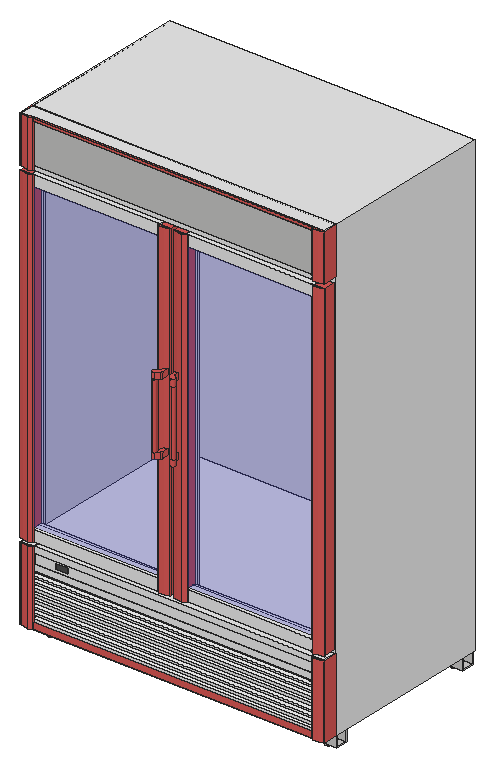
Revit family "QF_Turbo Air_TGF-47SD5710d0bc-e6e3-4ae6-a539-0df53f637e5d", category Specialty Equipment, Revit 2012
Parameters (values of type "White - Wine")
  Width = 4' - 3 1/8"  # constant formula
  Weight in Pounds = 590  # constant formula
  Watermarked By = "http://revitwatermark.com"
  Volts = 115 V
  URL Cutsheet = ""
  URL = "www.turboairinc.com"
  Status [instance] = ""
  Specification by User [instance] = ""
  Specification by Manufacturer [instance] = ""
  Sign Material [instance] = QF_Finishes_Turbo Air Image
  Serial Number [instance] = ""
  Revision Code [instance] = ""
  Phase = 1
  Number of Poles [instance] = 1
  NAFEM Spec ID Number [instance] = ""
  Model = "TGF-47SDV"
  Masterspec [instance] = ""
  Manufacturer = "Turbo Air"  # constant formula
  Lower Door Frame Material = QF_Finishes_White
  Lower Cowl Frame Material = QF_Finishes_Anodized - Red
  Legs [instance] = not(Casters)  # yes
  Item Number [instance] = "-"
  Installed By [instance] = ""
  HP = "1.25"
  Furnished By [instance] = ""
  Foodservice Equipment Identifier = yes
  FL Amps = 11.7 A
  Electrical Remarks [instance] = ""
  Electric Connection Type [instance] = ""
  Elec Conn RI Height [instance] = 0' - 0"
  Elec Conn Connection Height [instance] = if(Casters, 0' 11", 0' 6")  # 0' - 6"
  Door Material = QF_Finishes_Anodized - Red
  Description = "Freezer Merchandiser"
  Depth = 2' - 7 7/16"  # constant formula
  Cycle = 60 Hz
  Conn Plug = "NEMA 5-20P"
  CasterLeg Height [instance] = if(Casters, 0' 5", 0' 0 1/2")  # 0' - 0 1/2"
  CSI MasterFormat = "11 41 13"
  Body Material = QF_Finishes_White
  Assembly Code = "E1090320"
  Apparent Power = if(Phase = 3, Volts * FL Amps * 1.73, Volts * FL Amps)  # 1345.5 VA
  Casters [instance] = no
Types (4): name | Model | Lower Door Frame Material | Lower Cowl Frame Material | Door Material | Body Material
  (no name) | "TGF-47SDV" | QF_Finishes_White | QF_Finishes_Anodized - Red | QF_Finishes_Anodized - Red | QF_Finishes_White
  Black | "TGF-47SDB" | QF_Finishes_Black | QF_Finishes_Black | QF_Finishes_Black | QF_Finishes_Black
  White | "TGF-47SDW" | QF_Finishes_White | QF_Finishes_White | QF_Finishes_White | QF_Finishes_White
  White - Wine | "TGF-47SDV" | QF_Finishes_White | QF_Finishes_Anodized - Red | QF_Finishes_Anodized - Red | QF_Finishes_White
Reference planes (in)
  plane 1: z = 0
  plane 2 "LEFT": x = -20.72594
  plane 3 "RIGHT": x = 30.39906
  plane 4 "FRONT": y = -29.375
  plane 5 "BACK": y = 4.3125
  plane 6 "Front of Door": y = -27.125
  plane 7 "Top of Door": z = 70.8125
  plane 8 "Top of Lower Cowl": z = 14.875
  plane 9 "Front of Box": y = -24.75
  plane 10 "Bottom of Door": z = 15.5625
  plane 11 "Bottom of Lower Cowl": z = 2.5
  plane 12 "Left of Vents": x = -18.53844
  plane 13 "Right of Vents": x = 28.21156
  plane 14 "Bottom": z = 0.5
  plane 15 "TOP": z = 79.4375
  plane 16 "Bottom of Top Display": z = 71.5625
  plane 17 "Right of Left Door": x = 4.52406
  plane 18 "Left of Right Door": x = 5.14906
Forms (in)
  Extrusion 1, solid, material "QF_Finishes_White" <- "Body Material"
    sketch origin (0, 4.3125, 0) x (1, 0, 0) y (0, 0, 1)
      loop
        line (-20.72594, 2.5) -> (30.39906, 2.5) -> (30.39906, 79.4375) -> (-20.72594, 79.4375) -> (-20.72594, 2.5)
      loop
        line (-20.60094, 79.3125) -> (-20.60094, 2.625) -> (30.27406, 2.625) -> (30.27406, 79.3125) -> (-20.60094, 79.3125)
    from 0 to 29.0625
  Extrusion 2, solid, material "QF_Finishes_White" <- "Body Material"
    sketch origin (0, 4.3125, 0) x (1, 0, 0) y (0, 0, 1)
      loop
        line (-20.60094, 79.3125) -> (-20.60094, 2.625) -> (30.27406, 2.625) -> (30.27406, 79.3125) -> (-20.60094, 79.3125)
    from 0 to 0.125
  Extrusion 3, solid, material "QF_Finishes_White" <- "Body Material"
    sketch origin (0, -24.75, 0) x (1, 0, 0) y (0, 0, 1)
      loop
        line (-18.72594, 68.8125) -> (-18.72594, 16.875) -> (2.52406, 16.875) -> (2.52406, 68.8125) -> (-18.72594, 68.8125)
      loop
        line (28.39906, 16.875) -> (28.39906, 68.8125) -> (7.14906, 68.8125) -> (7.14906, 16.875) -> (28.39906, 16.875)
      loop
        line (-20.60094, 79.3125) -> (-20.60094, 2.625) -> (30.27406, 2.625) -> (30.27406, 79.3125) -> (-20.60094, 79.3125)
      loop
        line (28.21156, 14.875) -> (-18.53844, 14.875) -> (-18.53844, 3.5) -> (28.21156, 3.5) -> (28.21156, 14.875)
    from 0 to -0.125
  Extrusion 4, solid, material "QF_Finishes_White"
    sketch origin (-20.72594, 0, 0) x (0, 1, 0) y (0, 0, 1)
      loop
        line (-24.625, 15) -> (4.1875, 15) -> (4.1875, 79.3125) -> (-24.625, 79.3125) -> (-24.625, 68.8125) -> (-22.75, 68.8125) -> (-22.75, 77.4375) -> (2.3125, 77.4375) -> (2.3125, 16.875) -> (-24.625, 16.875) -> (-24.625, 15)
    from 0.125 to 51
  Extrusion 5, solid, material "QF_Finishes_White"
    sketch origin (-20.72594, 0, 0) x (0, 1, 0) y (0, 0, 1)
      loop
        line (-24.625, 16.875) -> (2.3125, 16.875) -> (2.3125, 77.4375) -> (-22.75, 77.4375) -> (-22.75, 68.8125) -> (-24.625, 68.8125) -> (-24.625, 16.875)
    from 0.125 to 2
  Extrusion 6, solid, material "QF_Finishes_White"
    sketch origin (30.39906, 0, 0) x (0, 1, 0) y (0, 0, 1)
      loop
        line (-24.625, 16.875) -> (2.3125, 16.875) -> (2.3125, 77.4375) -> (-22.75, 77.4375) -> (-22.75, 68.8125) -> (-24.625, 68.8125) -> (-24.625, 16.875)
    from -0.125 to -2
  Extrusion 7, solid, material "QF_Finishes_Black"
    sketch origin (0, -24.75, 0) x (1, 0, 0) y (0, 0, 1)
      loop
        line (6.46156, 69.5) -> (6.46156, 16.1875) -> (29.08656, 16.1875) -> (29.08656, 69.5) -> (6.46156, 69.5)
      loop
        line (6.33656, 69.625) -> (6.33656, 16.0625) -> (29.21156, 16.0625) -> (29.21156, 69.625) -> (6.33656, 69.625)
    from 0 to 0.4375
  Extrusion 8, solid, material "QF_Finishes_White" <- "Body Material"
    sketch origin (0, 4.3125, 0) x (1, 0, 0) y (0, 0, 1)
      loop
        circle (4.83656, 6) r 0.25
    from 0 to -0.0625
  Extrusion 9, solid, material "QF_Finishes_Anodized - Red" <- "Door Material"
    sketch origin (0, 0, 2.5) x (0, 1, 0) y (-1, 0, 0)
      loop
        line (-24.75, 20.72594) -> (-27.25, 20.72594)
        arc (-27.25, 20.72594) -> (-27.46771, 19.92526) -> (-27.5625, 19.10094) r 5.5
        line (-27.5625, 19.10094) -> (-27.1875, 18.53844) -> (-27.125, 18.53844) -> (-27.125, 20.60094) -> (-24.75, 20.60094) -> (-24.75, 20.72594)
    from 0 to 12.375
  Extrusion 10, solid, material "QF_Finishes_Anodized - Red" <- "Door Material"
    sketch origin (25.75, 0, 2.5) x (0, 1, 0) y (-1, 0, 0)
      loop
        line (-24.75, -4.64906) -> (-24.75, -4.52406) -> (-27.125, -4.52406) -> (-27.125, -2.46156) -> (-27.1875, -2.46156) -> (-27.5625, -3.02406)
        arc (-27.5625, -3.02406) -> (-27.46771, -3.84838) -> (-27.25, -4.64906) r 5.5
        line (-27.25, -4.64906) -> (-24.75, -4.64906)
    from 0 to 12.375
  Extrusion 11, solid, material "QF_Finishes_White" <- "Body Material"
    sketch origin (0, -24.75, 0) x (1, 0, 0) y (0, 0, 1)
      loop
        line (-18.53844, 14.875) -> (-18.53844, 13.875) -> (28.21156, 13.875) -> (28.21156, 14.875) -> (-18.53844, 14.875)
      loop
        line (-18.53844, 12.1875) -> (-18.53844, 11.1875) -> (28.21156, 11.1875) -> (28.21156, 12.1875) -> (-18.53844, 12.1875)
    from 0 to 2.375
  Extrusion 12, solid, material "QF_Finishes_White" <- "Body Material"
    sketch origin (0, -24.75, 0) x (1, 0, 0) y (0, 0, 1)
      loop
        line (-18.53844, 13.875) -> (-18.53844, 12.1875) -> (28.21156, 12.1875) -> (28.21156, 13.875) -> (-18.53844, 13.875)
      loop
        line (-14.97594, 12.625) -> (-13.03844, 12.625) -> (-13.03844, 13.4375) -> (-14.97594, 13.4375) -> (-14.97594, 12.625)
    from 0 to 2.125
  Extrusion 13, solid, material "QF_Finishes_Black"
    sketch origin (0, -24.75, 0) x (1, 0, 0) y (0, 0, 1)
      loop
        line (-14.97594, 13.4375) -> (-14.97594, 12.625) -> (-13.03844, 12.625) -> (-13.03844, 13.4375) -> (-14.97594, 13.4375)
    from 0 to 2.125
  Extrusion 14, solid, material "QF_Finishes_White" <- "Body Material"
    sketch origin (0, -24.75, 0) x (1, 0, 0) y (0, 0, 1)
      loop
        line (-20.60094, 14.875) -> (-20.60094, 2.5) -> (30.27406, 2.5) -> (30.27406, 14.875) -> (28.21156, 14.875) -> (28.21156, 3.5) -> (-18.53844, 3.5) -> (-18.53844, 14.875) -> (-20.60094, 14.875)
    from 0 to 2.375
  Extrusion 15, solid, material "QF_Finishes_Anodized - Red" <- "Lower Cowl Frame Material"
    sketch origin (0, -27.125, 0) x (1, 0, 0) y (0, 0, 1)
      loop
        line (-18.53844, 3.5) -> (-18.53844, 2.5) -> (28.21156, 2.5) -> (28.21156, 3.5) -> (-18.53844, 3.5)
    from 0 to 0.0625
  Extrusion 16, solid, material "QF_Finishes_White" <- "Body Material"
    sketch origin (-18.53844, 0, 0) x (0, 1, 0) y (0, 0, 1)
      loop
        line (-27.125, 3.5625) -> (-27, 3.5625) -> (-27, 3.88572) -> (-26.47411, 4.41161) -> (-26.5625, 4.5) -> (-27.125, 3.9375) -> (-27.125, 3.5625)
      loop
        line (-27.125, 4.5) -> (-27, 4.625) -> (-27, 4.82322) -> (-26.47411, 5.34911) -> (-26.5625, 5.4375) -> (-27.125, 4.875) -> (-27.125, 4.5)
      loop
        line (-27.125, 5.4375) -> (-27, 5.5625) -> (-27, 5.76072) -> (-26.47411, 6.28661) -> (-26.5625, 6.375) -> (-27.125, 5.8125) -> (-27.125, 5.4375)
      loop
        line (-27.125, 6.375) -> (-27, 6.5) -> (-27, 6.69822) -> (-26.47411, 7.22411) -> (-26.5625, 7.3125) -> (-27.125, 6.75) -> (-27.125, 6.375)
      loop
        line (-27.125, 11.0625) -> (-26.5625, 11.0625) -> (-27.125, 10.5) -> (-27.125, 10.125) -> (-27, 10.25) -> (-27, 10.44822) -> (-26.47411, 10.97411) -> (-26.47411, 11.125) -> (-27.125, 11.125) -> (-27.125, 11.0625)
      loop
        line (-27.125, 7.3125) -> (-27, 7.4375) -> (-27, 7.63572) -> (-26.47411, 8.16161) -> (-26.5625, 8.25) -> (-27.125, 7.6875) -> (-27.125, 7.3125)
      loop
        line (-27.125, 8.25) -> (-27, 8.375) -> (-27, 8.57322) -> (-26.47411, 9.09911) -> (-26.5625, 9.1875) -> (-27.125, 8.625) -> (-27.125, 8.25)
      loop
        line (-27.125, 9.1875) -> (-27, 9.3125) -> (-27, 9.51072) -> (-26.47411, 10.03661) -> (-26.5625, 10.125) -> (-27.125, 9.5625) -> (-27.125, 9.1875)
    from 0 to 46.75
  Extrusion 17, solid, material "QF_Finishes_Stainless Steel"
    sketch origin (-20.72594, 0, 0) x (0, 1, 0) y (0, 0, 1)
      loop
        line (-24.5625, 2.5) -> (-24.5625, 0.5) -> (-22.375, 0.5) -> (-22.375, 2.5) -> (-22.5, 2.5) -> (-22.5, 0.625) -> (-24.4375, 0.625) -> (-24.4375, 2.5) -> (-24.5625, 2.5)
      loop
        line (1.9375, 2.5) -> (1.9375, 0.5) -> (4.125, 0.5) -> (4.125, 2.5) -> (4, 2.5) -> (4, 0.625) -> (2.0625, 0.625) -> (2.0625, 2.5) -> (1.9375, 2.5)
    from 0.125 to 51
  Extrusion 18, solid, material "QF_Finishes_Stainless Steel", visible <- "Legs"
    sketch origin (0, 0, 0) x (1, 0, 0) y (0, 1, 0)
      loop
        circle (-18.41344, 3.03125) r 0.5625
      loop
        circle (-18.41344, -23.46875) r 0.5625
    from 0 to 0.5
  Extrusion 19, solid, material "QF_Finishes_Stainless Steel", visible <- "Legs"
    sketch origin (23.4375, 0, 0) x (1, 0, 0) y (0, 1, 0)
      loop
        circle (4.64906, 3.03125) r 0.5625
      loop
        circle (4.64906, -23.46875) r 0.5625
    from 0 to 0.5
  Extrusion 20, solid, material "QF_Finishes_Anodized - Red" <- "Door Material"
    sketch origin (0, 0, 71.5625) x (0, 1, 0) y (-1, 0, 0)
      loop
        line (-24.75, 20.72594) -> (-27.25, 20.72594)
        arc (-27.25, 20.72594) -> (-27.46771, 19.92526) -> (-27.5625, 19.10094) r 5.5
        line (-27.5625, 19.10094) -> (-27.1875, 18.53844) -> (-27.125, 18.53844) -> (-27.125, 20.60094) -> (-24.75, 20.60094) -> (-24.75, 20.72594)
    from 0 to 7.875
  Extrusion 21, solid, material "QF_Finishes_Anodized - Red" <- "Door Material"
    sketch origin (0, 0, 71.5625) x (0, 1, 0) y (-1, 0, 0)
      loop
        line (-24.75, -30.39906) -> (-24.75, -30.27406) -> (-27.125, -30.27406) -> (-27.125, -28.21156) -> (-27.1875, -28.21156) -> (-27.5625, -28.77406)
        arc (-27.5625, -28.77406) -> (-27.46771, -29.59838) -> (-27.25, -30.39906) r 5.5
        line (-27.25, -30.39906) -> (-24.75, -30.39906)
    from 0 to 7.875
  Extrusion 22, solid, material "QF_Finishes_White" <- "Body Material"
    sketch origin (0, -24.75, 80) x (1, 0, 0) y (0, 0, 1)
      loop
        line (-20.60094, -0.5625) -> (-20.60094, -8.4375) -> (30.27406, -8.4375) -> (30.27406, -0.5625) -> (-20.60094, -0.5625)
      loop
        line (28.21156, -1.125) -> (-18.53844, -1.125) -> (-18.53844, -7.875) -> (28.21156, -7.875) -> (28.21156, -1.125)
    from 0 to 2.375
  Extrusion 23, solid, material "QF_Finishes_Anodized - Red" <- "Lower Cowl Frame Material"
    sketch origin (0, -27.125, 78) x (1, 0, 0) y (0, 0, 1)
      loop
        line (-18.53844, 1.4375) -> (-18.53844, 0.875) -> (28.21156, 0.875) -> (28.21156, 1.4375) -> (-18.53844, 1.4375)
    from 0 to 0.0625
  Extrusion 24, solid, material "QF_Finishes_Turbo Air Image" <- "Sign Material"
    sketch origin (0, -24.75, 0) x (1, 0, 0) y (0, 0, 1)
      loop
        line (-18.53844, 78.875) -> (-18.53844, 72.125) -> (28.21156, 72.125) -> (28.21156, 78.875) -> (-18.53844, 78.875)
    from 0 to 2.375
  Extrusion 25, solid, material "QF_Finishes_Black"
    sketch origin (-20, -24.75, 0) x (1, 0, 0) y (0, 0, 1)
      loop
        line (0.58656, 69.5) -> (0.58656, 16.1875) -> (23.21156, 16.1875) -> (23.21156, 69.5) -> (0.58656, 69.5)
      loop
        line (0.46156, 69.625) -> (0.46156, 16.0625) -> (23.33656, 16.0625) -> (23.33656, 69.625) -> (0.46156, 69.625)
    from 0 to 0.4375
Lines and regions (in)
  symbolic lines
    curve 1: line (-20.72594, 4.3125, 0) -> (30.39906, 4.3125, 0)
    curve 2: line (-20.72594, -24.75, 0) -> (-20.72594, 4.3125, 0)
    curve 3: line (30.39906, -24.75, 0) -> (-20.72594, -24.75, 0)
    curve 4: line (30.39906, 4.3125, 0) -> (30.39906, -24.75, 0)
    curve 5: line (6.33656, -24.75, 0) -> (6.33656, -25.1875, 0)
    curve 6: line (29.21156, -25.1875, 0) -> (29.21156, -24.75, 0)
    curve 7: line (3.33656, -25.1875, 0) -> (3.33656, -24.75, 0)
    curve 8: line (-19.53844, -24.75, 0) -> (-19.53844, -25.1875, 0)
  symbolic lines, style "QF_Clearances", detail levels coarse
    curve 9: line (-20.72594, -27.125, 0) -> (-20.72594, -52.375, 0)
    curve 10: line (30.39906, -52.06054, 0) -> (30.39906, -27.125, 0)
    curve 11: arc (-20.72594, -52.375, 0) -> (-2.87149, -44.97945, 0) -> (4.52406, -27.125, 0) r 25.25
    curve 12: arc (30.39906, -52.06054, 0) -> (12.56392, -44.86862, 0) -> (5.14906, -27.125, 0) r 24.9375
Dimensions and locks (in)
  "Width": plane 3 "RIGHT" to plane 2 "LEFT"
  "Depth": plane 6 "Front of Door" to plane 5 "BACK"
  locked: plane 4 "FRONT" to plane 6 "Front of Door" at 2.25
  locked: plane 6 "Front of Door" to plane 9 "Front of Box" at 2.375
  locked: Extrusion 1 sketch curve to plane 2 "LEFT" at 0.125
  locked: Extrusion 1 sketch curve to plane 3 "RIGHT" at 0.125
  locked: Extrusion 3 sketch curve to plane 2 "LEFT" at 2
  locked: plane 7 "Top of Door" to Extrusion 3 sketch curve at 2  (x2)
  locked: Extrusion 3 sketch curve to plane 3 "RIGHT" at 2
  locked: Extrusion 3 sketch curve to plane 8 "Top of Lower Cowl" at 2  (x2)
  locked: plane 9 "Front of Box" to Extrusion 4 sketch curve at 0.125  (x2)
  locked: Extrusion 4 sketch curve to plane 5 "BACK" at 0.125
  locked: plane 8 "Top of Lower Cowl" to Extrusion 4 sketch curve at 0.125
  locked: Extrusion 4 sketch curve to Extrusion 4 sketch curve at 1.875  (x4)
  locked: plane 9 "Front of Box" to Extrusion 5 sketch curve at 0.125
  locked: plane 7 "Top of Door" to Extrusion 5 sketch curve at 2
  locked: Extrusion 5 sketch curve to plane 5 "BACK" at 2
  locked: plane 8 "Top of Lower Cowl" to Extrusion 5 sketch curve at 2
  locked: plane 7 "Top of Door" to Extrusion 6 sketch curve at 2
  locked: plane 8 "Top of Lower Cowl" to Extrusion 6 sketch curve at 2
  locked: Extrusion 6 sketch curve to plane 5 "BACK" at 2
  locked: plane 9 "Front of Box" to Extrusion 6 sketch curve at 0.125
  locked: Extrusion 7 sketch curve to Extrusion 7 sketch curve at 0.125  (x4)
  locked: Extrusion 7 sketch curve to plane 8 "Top of Lower Cowl" at 1.1875
  locked: plane 7 "Top of Door" to Extrusion 7 sketch curve at 1.1875
  locked: Extrusion 7 sketch curve to plane 3 "RIGHT" at 1.1875
  locked: plane 8 "Top of Lower Cowl" to plane 11 "Bottom of Lower Cowl" at 12.375
  locked: Extrusion 1 sketch curve to plane 11 "Bottom of Lower Cowl" at 0.125
  locked: plane 2 "LEFT" to plane 12 "Left of Vents" at 2.1875
  locked: plane 13 "Right of Vents" to plane 3 "RIGHT" at 2.1875
  locked: Extrusion 9 sketch curve to plane 6 "Front of Door" at 0.0625
  locked: Extrusion 9 sketch curve to plane 6 "Front of Door" at 0.125
  locked: Extrusion 9 sketch curve to plane 6 "Front of Door" at 0.4375
  locked: plane 2 "LEFT" to Extrusion 9 sketch curve at 1.625
  locked: Extrusion 10 sketch curve to plane 6 "Front of Door" at 0.125
  locked: Extrusion 10 sketch curve to plane 6 "Front of Door" at 0.0625
  locked: Extrusion 10 sketch curve to plane 6 "Front of Door" at 0.4375
  locked: Extrusion 10 sketch curve to plane 3 "RIGHT" at 1.625
  locked: plane 8 "Top of Lower Cowl" to Extrusion 11 sketch curve at 1
  locked: Extrusion 11 sketch curve to Extrusion 11 sketch curve at 1.6875
  locked: Extrusion 11 sketch curve to Extrusion 11 sketch curve at 1
  locked: plane 8 "Top of Lower Cowl" to Extrusion 12 sketch curve at 1
  locked: Extrusion 12 sketch curve to Extrusion 12 sketch curve at 1.6875
  locked: Extrusion 12 sketch curve to Extrusion 12 sketch curve at 0.4375
  locked: Extrusion 12 sketch curve to Extrusion 12 sketch curve at 0.8125
  locked: Extrusion 12 sketch curve to plane 12 "Left of Vents" at 3.5625
  locked: Extrusion 12 sketch curve to Extrusion 12 sketch curve at 1.9375
  locked: plane 8 "Top of Lower Cowl" to Extrusion 13 sketch curve at 1.4375
  locked: Extrusion 13 sketch curve to Extrusion 13 sketch curve at 0.8125
  locked: Extrusion 13 sketch curve to plane 12 "Left of Vents" at 3.5625
  locked: Extrusion 13 sketch curve to Extrusion 13 sketch curve at 1.9375
  locked: Extrusion 3 sketch curve to plane 11 "Bottom of Lower Cowl" at 0.125
  locked: Extrusion 3 sketch curve to plane 11 "Bottom of Lower Cowl" at 1
  locked: Extrusion 14 sketch curve to plane 11 "Bottom of Lower Cowl" at 1
  locked: Extrusion 15 sketch curve to plane 11 "Bottom of Lower Cowl" at 1
  locked: plane 2 "LEFT" to Extrusion 14 sketch curve at 0.125
  locked: plane 3 "RIGHT" to Extrusion 14 sketch curve at 0.125
  locked: plane 2 "LEFT" to Extrusion 9 sketch curve at 0.125
  locked: Extrusion 10 sketch curve to plane 3 "RIGHT" at 0.125
  locked: plane 11 "Bottom of Lower Cowl" to plane 14 "Bottom" at 2
  "CasterLeg Height": plane 14 "Bottom" to level
  locked: plane 7 "Top of Door" to plane 10 "Bottom of Door" at 55.25
  locked: Extrusion 17 sketch curve to Extrusion 17 sketch curve at 0.125  (x4)
  locked: plane 9 "Front of Box" to Extrusion 17 sketch curve at 0.1875
  locked: plane 14 "Bottom" to Extrusion 17 sketch curve at 0.125  (x2)
  locked: Extrusion 17 sketch curve to plane 5 "BACK" at 0.1875
  locked: Extrusion 17 sketch curve to Extrusion 17 sketch curve at 1.9375  (x2)
  locked: plane 2 "LEFT" to Extrusion 17 at 0.125
  locked: plane 3 "RIGHT" to Extrusion 17 at 0.125
  locked: Extrusion 18 sketch curve to plane 5 "BACK" at 1.28125
  locked: plane 2 "LEFT" to Extrusion 18 sketch curve at 2.3125  (x2)
  locked: plane 9 "Front of Box" to Extrusion 18 sketch curve at 1.28125
  locked: Extrusion 19 sketch curve to plane 5 "BACK" at 1.28125
  locked: Extrusion 19 sketch curve to plane 3 "RIGHT" at 2.3125  (x2)
  locked: plane 9 "Front of Box" to Extrusion 19 sketch curve at 1.28125
  locked: plane 2 "LEFT" to nested 2 at 2.3125
  locked: nested 2 to plane 5 "BACK" at 1.28125
  locked: nested 3 to plane 5 "BACK" at 1.28125
  locked: nested 3 to plane 3 "RIGHT" at 2.3125
  locked: plane 9 "Front of Box" to nested 4 at 1.28125
  locked: plane 2 "LEFT" to nested 4 at 2.3125
  locked: nested 5 to plane 3 "RIGHT" at 2.3125
  locked: plane 9 "Front of Box" to nested 5 at 1.28125
  equal spacing: plane 3 "RIGHT", Extrusion 8 sketch curve, plane 2 "LEFT"
  locked: Extrusion 8 sketch curve to plane 14 "Bottom" at 5.5
  locked: plane 15 "TOP" to plane 16 "Bottom of Top Display" at 7.875
  locked: plane 15 "TOP" to Extrusion 1 sketch curve at 0.125
  locked: Extrusion 4 sketch curve to plane 15 "TOP" at 0.125
  locked: Extrusion 4 sketch curve to plane 7 "Top of Door" at 2
  locked: plane 9 "Front of Box" to Extrusion 6 sketch curve at 2
  locked: Extrusion 6 sketch curve to plane 15 "TOP" at 2
  locked: plane 9 "Front of Box" to Extrusion 5 sketch curve at 2
  locked: plane 15 "TOP" to Extrusion 5 sketch curve at 2
  locked: Extrusion 22 sketch curve to plane 16 "Bottom of Top Display" at 0.5625
  locked: plane 15 "TOP" to Extrusion 22 sketch curve at 0.5625
  locked: plane 2 "LEFT" to Extrusion 22 sketch curve at 0.125
  locked: plane 3 "RIGHT" to Extrusion 22 sketch curve at 0.125
  locked: plane 15 "TOP" to Extrusion 23 sketch curve at 0.5625
  locked: plane 15 "TOP" to Extrusion 24 sketch curve at 0.5625
  locked: Extrusion 24 sketch curve to plane 16 "Bottom of Top Display" at 0.5625
  locked: plane 10 "Bottom of Door" to plane 8 "Top of Lower Cowl" at 0.6875
  locked: plane 16 "Bottom of Top Display" to plane 7 "Top of Door" at 0.75
  locked: plane 2 "LEFT" to plane 17 "Right of Left Door" at 25.25
  locked: plane 18 "Left of Right Door" to plane 3 "RIGHT" at 25.25
  locked: Extrusion 7 sketch curve to plane 18 "Left of Right Door" at 1.1875
  locked: Extrusion 25 sketch curve to Extrusion 25 sketch curve at 0.125  (x4)
  locked: Extrusion 25 sketch curve to plane 2 "LEFT" at 1.1875
  locked: plane 17 "Right of Left Door" to Extrusion 25 sketch curve at 1.1875
  locked: plane 7 "Top of Door" to Extrusion 25 sketch curve at 1.1875
  locked: Extrusion 25 sketch curve to plane 10 "Bottom of Door" at 0.5
  locked: plane 18 "Left of Right Door" to Extrusion 3 sketch curve at 2
  locked: Extrusion 3 sketch curve to plane 17 "Right of Left Door" at 2
  aligned and locked: level to plane 1
  aligned and locked: Extrusion 1 sketch curve to plane 3 "RIGHT"
  aligned and locked: plane 2 "LEFT" to Extrusion 1 sketch curve
  aligned and locked: plane 9 "Front of Box" to Extrusion 1
  aligned and locked: Extrusion 2 sketch curve to Extrusion 1  (x2)
  aligned and locked: Extrusion 3 sketch curve to Extrusion 1  (x2)
  aligned and locked: Extrusion 4 to Extrusion 1  (x2)
  aligned and locked: Extrusion 5 to Extrusion 1
  aligned and locked: Extrusion 1 to Extrusion 6
  aligned and locked: plane 3 "RIGHT" to nested 1
  aligned and locked: plane 5 "BACK" to curve 1
  aligned and locked: plane 2 "LEFT" to curve 2
  aligned and locked: curve 3 to plane 9 "Front of Box"
  aligned and locked: curve 4 to plane 3 "RIGHT"
  aligned and locked: curve 6 to Extrusion 7
  aligned and locked: plane 11 "Bottom of Lower Cowl" to Extrusion 1 sketch curve
  aligned and locked: Extrusion 9 sketch curve to plane 2 "LEFT"
  aligned and locked: plane 6 "Front of Door" to Extrusion 9 sketch curve
  aligned and locked: Extrusion 9 sketch curve to plane 12 "Left of Vents"
  aligned and locked: Extrusion 10 sketch curve to plane 3 "RIGHT"
  aligned and locked: Extrusion 10 sketch curve to plane 6 "Front of Door"
  aligned and locked: Extrusion 10 sketch curve to plane 13 "Right of Vents"
  aligned and locked: plane 8 "Top of Lower Cowl" to Extrusion 9
  aligned and locked: plane 8 "Top of Lower Cowl" to Extrusion 10
  aligned and locked: plane 8 "Top of Lower Cowl" to Extrusion 11 sketch curve
  aligned and locked: Extrusion 11 sketch curve to plane 12 "Left of Vents"
  aligned and locked: plane 12 "Left of Vents" to Extrusion 11 sketch curve
  aligned and locked: Extrusion 11 sketch curve to plane 13 "Right of Vents"
  aligned and locked: plane 13 "Right of Vents" to Extrusion 11 sketch curve
  aligned and locked: plane 6 "Front of Door" to Extrusion 11
  aligned and locked: plane 12 "Left of Vents" to Extrusion 12 sketch curve
  aligned and locked: Extrusion 12 sketch curve to plane 13 "Right of Vents"
  aligned and locked: plane 8 "Top of Lower Cowl" to Extrusion 3 sketch curve
  aligned and locked: Extrusion 3 sketch curve to plane 12 "Left of Vents"
  aligned and locked: Extrusion 3 sketch curve to plane 13 "Right of Vents"
  aligned and locked: plane 8 "Top of Lower Cowl" to Extrusion 14 sketch curve  (x2)
  aligned and locked: Extrusion 14 sketch curve to plane 11 "Bottom of Lower Cowl"
  aligned and locked: Extrusion 14 sketch curve to plane 13 "Right of Vents"
  aligned and locked: plane 6 "Front of Door" to Extrusion 14
  aligned and locked: plane 11 "Bottom of Lower Cowl" to Extrusion 15 sketch curve
  aligned and locked: plane 12 "Left of Vents" to Extrusion 15 sketch curve
  aligned and locked: Extrusion 15 sketch curve to plane 13 "Right of Vents"
  aligned and locked: plane 13 "Right of Vents" to Extrusion 16
  aligned and locked: plane 9 "Front of Box" to Extrusion 9 sketch curve
  aligned and locked: plane 9 "Front of Box" to Extrusion 10 sketch curve
  aligned and locked: Extrusion 17 sketch curve to plane 11 "Bottom of Lower Cowl"  (x4)
  aligned and locked: Extrusion 17 sketch curve to plane 14 "Bottom"  (x2)
  aligned and locked: plane 14 "Bottom" to Extrusion 18
  aligned and locked: plane 14 "Bottom" to Extrusion 19
  aligned and locked: Extrusion 1 sketch curve to plane 15 "TOP"
  aligned and locked: plane 15 "TOP" to Extrusion 22 sketch curve
  aligned and locked: Extrusion 22 sketch curve to plane 16 "Bottom of Top Display"
  aligned and locked: plane 12 "Left of Vents" to Extrusion 22 sketch curve
  aligned and locked: Extrusion 22 sketch curve to plane 13 "Right of Vents"
  aligned and locked: plane 15 "TOP" to Extrusion 20
  aligned and locked: plane 6 "Front of Door" to Extrusion 22
  aligned and locked: plane 12 "Left of Vents" to Extrusion 23 sketch curve
  aligned and locked: Extrusion 23 sketch curve to plane 15 "TOP"
  aligned and locked: Extrusion 23 sketch curve to plane 13 "Right of Vents"
  aligned and locked: plane 12 "Left of Vents" to Extrusion 24 sketch curve
  aligned and locked: Extrusion 24 to plane 9 "Front of Box"
  aligned and locked: plane 13 "Right of Vents" to Extrusion 24
  aligned and locked: plane 18 "Left of Right Door" to nested 1
  aligned and locked: plane 10 "Bottom of Door" to nested 6
  aligned and locked: plane 17 "Right of Left Door" to nested 6
  aligned and locked: plane 2 "LEFT" to nested 6
  aligned and locked: nested 1 to plane 10 "Bottom of Door"
  aligned and locked: curve 7 to Extrusion 25
  aligned and locked: curve 8 to Extrusion 25
Automatic sketch dimensions
  plane 11 "Bottom of Lower Cowl" to Extrusion 2 sketch curve = 0' - 0 1/8"
  Extrusion 2 sketch curve to plane 15 "TOP" = 0' - 0 1/8"
  Extrusion 9 sketch curve to plane 12 "Left of Vents" = 0' - 0.34816"
  plane 13 "Right of Vents" to Extrusion 10 sketch curve = 0' - 0.34816"
  Extrusion 14 sketch curve to plane 12 "Left of Vents" = 0' - 0"
  Extrusion 16 sketch curve to plane 6 "Front of Door" = 0' - 0"  (x9)
  Extrusion 16 sketch curve to plane 6 "Front of Door" = 0' - 0 1/8"  (x8)
  Extrusion 16 sketch curve to Extrusion 16 sketch curve = 0' - 0 7/16"  (x7)
  Extrusion 16 sketch curve to plane 6 "Front of Door" = 0' - 0 9/16"
  Extrusion 16 sketch curve to Extrusion 16 sketch curve = 0' - 0.08839"  (x8)
  plane 11 "Bottom of Lower Cowl" to Extrusion 16 sketch curve = 0' - 1 1/16"
  Extrusion 16 sketch curve to Extrusion 16 sketch curve = 0' - 0.32322"
  Extrusion 16 sketch curve to Extrusion 16 sketch curve = 0' - 0.05178"  (x8)
  Extrusion 16 sketch curve to Extrusion 16 sketch curve = 0' - 0 9/16"  (x8)
  Extrusion 16 sketch curve to Extrusion 16 sketch curve = 0' - 0 1/8"  (x7)
  Extrusion 16 sketch curve to Extrusion 16 sketch curve = 0' - 0.19822"  (x7)
  Extrusion 16 sketch curve to Extrusion 16 sketch curve = 0' - 0.52589"
  Extrusion 16 sketch curve to Extrusion 16 sketch curve = 0' - 0 1/16"
  Extrusion 20 sketch curve to plane 2 "LEFT" = 0' - 0"
  Extrusion 20 sketch curve to plane 12 "Left of Vents" = 0' - 0"
  plane 6 "Front of Door" to Extrusion 20 sketch curve = 0' - 0"
  plane 9 "Front of Box" to Extrusion 20 sketch curve = 0' - 0"
  Extrusion 20 sketch curve to Extrusion 20 sketch curve = 0' - 0 1/16"
  plane 6 "Front of Door" to Extrusion 20 sketch curve = 0' - 0 1/8"
  plane 6 "Front of Door" to Extrusion 20 sketch curve = 0' - 0 7/16"
  Extrusion 20 sketch curve to plane 12 "Left of Vents" = 0' - 0.34816"
  Extrusion 20 sketch curve to plane 9 "Front of Box" = 0' - 2.68332"
  Extrusion 20 sketch curve to Extrusion 20 sketch curve = 0' - 0 1/8"
  Extrusion 21 sketch curve to plane 3 "RIGHT" = 0' - 0"
  Extrusion 21 sketch curve to plane 13 "Right of Vents" = 0' - 0"
  plane 6 "Front of Door" to Extrusion 21 sketch curve = 0' - 0"
  plane 9 "Front of Box" to Extrusion 21 sketch curve = 0' - 0"
  Extrusion 21 sketch curve to Extrusion 21 sketch curve = 0' - 0 1/16"
  plane 6 "Front of Door" to Extrusion 21 sketch curve = 0' - 0 1/8"
  plane 6 "Front of Door" to Extrusion 21 sketch curve = 0' - 0 7/16"
  plane 13 "Right of Vents" to Extrusion 21 sketch curve = 0' - 0.34816"
  Extrusion 21 sketch curve to plane 9 "Front of Box" = 0' - 2.68332"
  Extrusion 21 sketch curve to Extrusion 21 sketch curve = 0' - 0 1/8"
  Extrusion 24 sketch curve to plane 13 "Right of Vents" = 0' - 0"
  Extrusion 3 sketch curve to plane 15 "TOP" = 0' - 0 1/8"
  curve 11 to plane 2 "LEFT" = 0' - 0"
  plane 6 "Front of Door" to curve 11 = 0' - 0"
  curve 11 to plane 17 "Right of Left Door" = 0' - 0"
  plane 6 "Front of Door" to curve 12 = 0' - 0"
  curve 12 to plane 3 "RIGHT" = 0' - 0 5/16"
  plane 6 "Front of Door" to curve 10 = 0' - 0"
  plane 6 "Front of Door" to curve 9 = 0' - 0"
  plane 18 "Left of Right Door" to curve 12 = 0' - 0"
  plane 18 "Left of Right Door" to curve 5 = 0' - 1 3/16"
  plane 9 "Front of Box" to curve 5 = 0' - 0 7/16"
  plane 9 "Front of Box" to curve 7 = 0' - 0 7/16"
  plane 9 "Front of Box" to curve 8 = 0' - 0 7/16"
  plane 9 "Front of Box" to curve 6 = 0' - 0 7/16"
  radius of Extrusion 8 sketch curve = 0' - 0 1/4"
  radius of Extrusion 18 sketch curve = 0' - 0 9/16"  (x2)
  radius of Extrusion 19 sketch curve = 0' - 0 9/16"  (x2)
Nested families (in)
  nested 1: "QF_Turbo Air_RI_Merch-Door" at (20.32573, -25.1875, 15.5625), Handle Material <- "Door Material", Door Frame Top Material <- "Body Material", Door Frame Sides Material <- "Door Material", Door Frame Bottom Material <- "Lower Door Frame Material", type "QF_Turbo Air_RI_Merch-Door"
    with Width 2' - 1 1/4", Symbolic Lines yes, Height 4' - 7 1/4", Handle Material QF_Finishes_Anodized - Red, Door Frame Top Material QF_Finishes_White, Door Frame Sides Material QF_Finishes_Anodized - Red, Door Frame Bottom Material QF_Finishes_White, Depth 0' - 1 15/16", CL Handle Height 2' - 3 5/8"
  nested 2: "FESCasterLeg" at (-18.41344, 3.03125, 0), Casters <- "Casters", type "FESCasterLeg"
    with Legs no, Height 0' - 5", Casters no, Caster Radius 0' - 2"
  nested 3: "FESCasterLeg" at (28.08656, 3.03125, 0), Casters <- "Casters", type "FESCasterLeg"
    with Legs no, Height 0' - 5", Casters no, Caster Radius 0' - 2"
  nested 4: "FESCasterLeg" at (-18.41344, -23.46875, 0), Casters <- "Casters", type "FESCasterLeg"
    with Legs no, Height 0' - 5", Casters no, Caster Radius 0' - 2"
  nested 5: "FESCasterLeg" at (28.08656, -23.46875, 0), Casters <- "Casters", type "FESCasterLeg"
    with Legs no, Height 0' - 5", Casters no, Caster Radius 0' - 2"
  nested 6: "QF_Turbo Air_RI_Merch-Door" at (-10.65261, -25.1875, 15.5625) x (-1, 0, 0) z (0, 0, 1), Handle Material <- "Door Material", Door Frame Top Material <- "Body Material", Door Frame Sides Material <- "Door Material", Door Frame Bottom Material <- "Lower Door Frame Material", type "QF_Turbo Air_RI_Merch-Door"
    with Width 2' - 1 1/4", Symbolic Lines yes, Height 4' - 7 1/4", Handle Material QF_Finishes_Anodized - Red, Door Frame Top Material QF_Finishes_White, Door Frame Sides Material QF_Finishes_Anodized - Red, Door Frame Bottom Material QF_Finishes_White, Depth 0' - 1 15/16", CL Handle Height 2' - 3 5/8"
Connectors (in)
  electrical at (4.83656, 4.375, 6), driven by "Number of Poles", driven by "Volts", driven by "Apparent Power"
    settings: on Extrusion 8, index 1, voltage 115 V, apparent load 1345.5 VA, apparent load phase1 0 VA, apparent load phase2 0 VA, apparent load phase3 0 VA, power factor 1, load classification "Other", number of poles 1, system type 30, power factor state 1, is connector primary yes, connector utility no, sub classification motor no, connector description "Electric"
Definition of nested family "QF_Turbo Air_RI_Merch-Door"
  Parameters (values of type "QF_Turbo Air_RI_Merch-Door")
    Width [instance] = 2' - 1"
    Watermarked By = "http://revitwatermark.com"
    Symbolic Lines [instance] = yes
    Manufacturer = "Turbo Air"  # constant formula
    Height [instance] = 2' - 6 1/2"
    Handle Material [instance] = QF_Finishes_Stainless Steel
    Door Frame Top Material [instance] = QF_Finishes_Stainless Steel
    Door Frame Sides Material [instance] = QF_Finishes_Stainless Steel
    Door Frame Bottom Material [instance] = QF_Finishes_Stainless Steel
    Depth [instance] = 0' - 1 15/16"
    CL Handle Height [instance] = 1' - 3 3/16"
  Reference planes (in)
    plane 1 "BACK": y = 0
    plane 2: z = 0
    plane 3 "LEFT": x = -15.17667
    plane 4: x = 9.82333
    plane 5 "FRONT": y = -1.9375
    plane 6: z = 30.5
    plane 7 "Top of Handle": z = 21.6875
    plane 8 "Bottom of Handle": z = 8.6875
    plane 9 "Center of Handle": z = 15.1875
    plane 10: x = -13.36417
    plane 11: x = 8.01083
    plane 12: z = 28.6875
    plane 13: z = 1.8125
    plane 14: z = 20.6875
    plane 15: z = 9.6875
  Forms (in)
    Extrusion 1, solid, material "QF_Finishes_Stainless Steel" <- "Door Frame Sides Material"
      sketch origin (0, 0, 0) x (1, 0, 0) y (0, 0, 1)
        loop
          line (-15.17667, 30.5) -> (-15.17667, 0) -> (-13.36417, 0) -> (-13.36417, 30.5) -> (-15.17667, 30.5)
        loop
          line (9.82333, 0) -> (9.82333, 30.5) -> (8.01083, 30.5) -> (8.01083, 0) -> (9.82333, 0)
      from 0 to 1.9375
    Extrusion 2, solid, material "QF_Finishes_Glass"
      sketch origin (0, 0, 0) x (1, 0, 0) y (0, 0, 1)
        loop
          line (-13.36417, 28.6875) -> (-13.36417, 1.8125) -> (8.01083, 1.8125) -> (8.01083, 28.6875) -> (-13.36417, 28.6875)
      from 0.5 to 1.4375
    Extrusion 3, solid, material "QF_Finishes_Stainless Steel" <- "Handle Material"
      sketch origin (0, 0, 8.6875) x (0, 1, 0) y (-1, 0, 0)
        loop
          circle (-3.8125, 13.92667) r 0.375
      from 1 to 12
    Extrusion 4, solid, material "QF_Finishes_Stainless Steel" <- "Handle Material"
      sketch origin (0, 0, 8.6875) x (0, 1, 0) y (-1, 0, 0)
        loop
          line (-1.9375, 14.86417) -> (-3.25, 14.86417)
          arc (-3.25, 14.86417) -> (-3.39351, 14.83562) -> (-3.51517, 14.75433) r 0.375
          line (-3.51517, 14.75433) -> (-4.07767, 14.19183)
          arc (-4.07767, 14.19183) -> (-4.07767, 13.6615) -> (-3.54733, 13.6615) r 0.375
          line (-3.54733, 13.6615) -> (-2.90717, 14.30167) -> (-1.9375, 14.30167) -> (-1.9375, 14.86417)
      from 0 to 1
    Extrusion 5, solid, material "QF_Finishes_Stainless Steel" <- "Handle Material"
      sketch origin (0, 0, 21.6875) x (0, 1, 0) y (-1, 0, 0)
        loop
          line (-1.9375, 14.86417) -> (-3.25, 14.86417)
          arc (-3.25, 14.86417) -> (-3.39351, 14.83562) -> (-3.51517, 14.75433) r 0.375
          line (-3.51517, 14.75433) -> (-4.07767, 14.19183)
          arc (-4.07767, 14.19183) -> (-4.07767, 13.6615) -> (-3.54733, 13.6615) r 0.375
          line (-3.54733, 13.6615) -> (-2.90717, 14.30167) -> (-1.9375, 14.30167) -> (-1.9375, 14.86417)
      from 0 to -1
    Extrusion 6, solid, material "QF_Finishes_Stainless Steel" <- "Door Frame Top Material"
      sketch origin (0, 0, 0) x (1, 0, 0) y (0, 0, 1)
        loop
          line (-13.36417, 30.5) -> (-13.36417, 28.6875) -> (8.01083, 28.6875) -> (8.01083, 30.5) -> (-13.36417, 30.5)
      from 0 to 1.9375
    Extrusion 7, solid, material "QF_Finishes_Stainless Steel" <- "Door Frame Bottom Material"
      sketch origin (0, 0, 0) x (1, 0, 0) y (0, 0, 1)
        loop
          line (-13.36417, 1.8125) -> (-13.36417, 0) -> (8.01083, 0) -> (8.01083, 1.8125) -> (-13.36417, 1.8125)
      from 0 to 1.9375
    Extrusion 8, solid, material "QF_Finishes_Stainless Steel" <- "Door Frame Sides Material"
      sketch origin (0, 0, 0) x (1, 0, 0) y (0, 1, 0)
        loop
          line (-15.17667, -1.9375) -> (-15.17667, -2.0625)
          arc (-15.17667, -2.0625) -> (-14.37599, -2.28021) -> (-13.55167, -2.375) r 5.5
          line (-13.55167, -2.375) -> (-12.98917, -2) -> (-12.98917, -1.9375) -> (-15.17667, -1.9375)
      from 0 to 30.5
    Extrusion 9, solid, material "QF_Finishes_Stainless Steel" <- "Door Frame Sides Material"
      sketch origin (25, 0, 0) x (1, 0, 0) y (0, 1, 0)
        loop
          line (-15.17667, -1.9375) -> (-17.36417, -1.9375) -> (-17.36417, -2) -> (-16.80167, -2.375)
          arc (-16.80167, -2.375) -> (-15.97735, -2.28021) -> (-15.17667, -2.0625) r 5.5
          line (-15.17667, -2.0625) -> (-15.17667, -1.9375)
      from 0 to 30.5
  Lines and regions (in)
    symbolic lines, visible <- "Symbolic Lines"
      curve 1: line (-15.17667, 0, 8.6875) -> (9.82333, 0, 8.6875)
      curve 2: line (-15.17667, -1.9375, 8.6875) -> (-15.17667, 0, 8.6875)
      curve 3: line (9.82333, -1.9375, 8.6875) -> (-15.17667, -1.9375, 8.6875)
      curve 4: line (9.82333, 0, 8.6875) -> (9.82333, -1.9375, 8.6875)
      curve 11: line (-15.17667, -1.9375, 0) -> (-15.17667, -2.0625, 0)
      curve 12: arc (-15.17667, -2.0625, 0) -> (-14.37599, -2.28021, 0) -> (-13.55167, -2.375, 0) r 5.5
      curve 13: line (-13.55167, -2.375, 0) -> (-12.98917, -2, 0)
      curve 14: line (-12.98917, -2, 0) -> (-12.98917, -1.9375, 0)
      curve 15: line (7.63583, -1.9375, 0) -> (7.63583, -2, 0)
      curve 16: line (7.63583, -2, 0) -> (8.19833, -2.375, 0)
      curve 17: arc (8.19833, -2.375, 0) -> (9.02265, -2.28021, 0) -> (9.82333, -2.0625, 0) r 5.5
      curve 18: line (9.82333, -2.0625, 0) -> (9.82333, -1.9375, 0)
    symbolic lines
      curve 5: line (-14.86417, -2.163, 8.6875) -> (-14.86417, -3.25, 8.6875)
      curve 6: arc (-14.86417, -3.25, 8.6875) -> (-14.83562, -3.39351, 8.6875) -> (-14.75433, -3.51517, 8.6875) r 0.375
      curve 7: line (-14.75433, -3.51517, 8.6875) -> (-14.19183, -4.07767, 8.6875)
      curve 8: arc (-14.19183, -4.07767, 8.6875) -> (-13.6615, -4.07767, 8.6875) -> (-13.6615, -3.54733, 8.6875) r 0.375
      curve 9: line (-13.6615, -3.54733, 8.6875) -> (-14.30167, -2.90717, 8.6875)
      curve 10: line (-14.30167, -2.90717, 8.6875) -> (-14.30167, -2.29398, 8.6875)
  Dimensions and locks (in)
    "Width": plane 4 to plane 3 "LEFT"
    "Depth": plane 5 "FRONT" to plane 1 "BACK"
    "Height": plane 6 to plane 2
    locked: plane 7 "Top of Handle" to plane 8 "Bottom of Handle" at 13
    equal spacing: plane 7 "Top of Handle", plane 9 "Center of Handle", plane 8 "Bottom of Handle"
    locked: plane 13 to level at 1.8125
    locked: plane 6 to plane 12 at 1.8125
    locked: plane 3 "LEFT" to plane 10 at 1.8125
    locked: plane 11 to plane 4 at 1.8125
    locked: plane 1 "BACK" to Extrusion 2 at 0.5
    locked: Extrusion 2 to plane 5 "FRONT" at 0.5
    "CL Handle Height": plane 9 "Center of Handle" to level
    locked: plane 7 "Top of Handle" to plane 14 at 1
    locked: plane 15 to plane 8 "Bottom of Handle" at 1
    locked: plane 3 "LEFT" to Extrusion 3 sketch curve at 1.25
    locked: Extrusion 3 sketch curve to plane 5 "FRONT" at 1.875
    locked: Extrusion 4 sketch curve to Extrusion 4 sketch curve at 0.5625
    locked: plane 3 "LEFT" to Extrusion 4 sketch curve at 0.3125
    locked: Extrusion 4 sketch curve to plane 5 "FRONT" at 1.3125
    locked: Extrusion 4 sketch curve to plane 5 "FRONT" at 0.96967
    locked: Extrusion 4 sketch curve to plane 5 "FRONT" at 1.57767
    locked: plane 3 "LEFT" to Extrusion 4 sketch curve at 0.42233
    locked: Extrusion 5 sketch curve to Extrusion 5 sketch curve at 0.5625
    locked: plane 3 "LEFT" to Extrusion 8 sketch curve at 2.1875
    locked: Extrusion 8 sketch curve to plane 5 "FRONT" at 0.125
    locked: Extrusion 8 sketch curve to plane 5 "FRONT" at 0.0625
    locked: plane 3 "LEFT" to Extrusion 8 sketch curve at 1.625
    locked: Extrusion 8 sketch curve to plane 5 "FRONT" at 0.4375
    locked: Extrusion 9 sketch curve to plane 4 at 2.1875
    locked: Extrusion 9 sketch curve to plane 4 at 1.625
    locked: Extrusion 9 sketch curve to plane 5 "FRONT" at 0.0625
    locked: Extrusion 9 sketch curve to plane 5 "FRONT" at 0.4375
    locked: Extrusion 9 sketch curve to plane 5 "FRONT" at 0.125
    aligned and locked: level to plane 2
    aligned and locked: Extrusion 1 sketch curve to plane 6
    aligned and locked: plane 3 "LEFT" to Extrusion 1 sketch curve
    aligned and locked: level to Extrusion 1 sketch curve
    aligned and locked: Extrusion 1 sketch curve to plane 4
    aligned and locked: plane 5 "FRONT" to Extrusion 1
    aligned and locked: plane 10 to Extrusion 1 sketch curve
    aligned and locked: Extrusion 1 sketch curve to plane 11
    aligned and locked: Extrusion 2 sketch curve to plane 12
    aligned and locked: plane 10 to Extrusion 2 sketch curve
    aligned and locked: Extrusion 2 sketch curve to plane 11
    aligned and locked: plane 13 to Extrusion 2 sketch curve
    aligned and locked: plane 3 "LEFT" to curve 2
    aligned and locked: plane 1 "BACK" to curve 1
    aligned and locked: curve 4 to plane 4
    aligned and locked: curve 3 to plane 5 "FRONT"
    aligned and locked: Extrusion 3 to plane 15
    aligned and locked: plane 14 to Extrusion 3
    aligned and locked: Extrusion 4 sketch curve to Extrusion 3
    aligned and locked: plane 5 "FRONT" to Extrusion 4 sketch curve
    aligned and locked: plane 15 to Extrusion 4
    aligned and locked: Extrusion 5 to plane 14
    aligned and locked: Extrusion 5 to curve 5
    aligned and locked: curve 6 to Extrusion 5
    aligned and locked: curve 8 to Extrusion 5
    aligned and locked: curve 10 to Extrusion 5
    aligned and locked: Extrusion 6 sketch curve to plane 6
    aligned and locked: plane 12 to Extrusion 6 sketch curve
    aligned and locked: Extrusion 6 sketch curve to plane 11
    aligned and locked: plane 10 to Extrusion 6 sketch curve
    aligned and locked: plane 5 "FRONT" to Extrusion 6
    aligned and locked: Extrusion 7 sketch curve to plane 13
    aligned and locked: level to Extrusion 7 sketch curve
    aligned and locked: Extrusion 7 sketch curve to plane 11
    aligned and locked: plane 10 to Extrusion 7 sketch curve
    aligned and locked: plane 5 "FRONT" to Extrusion 7
    aligned and locked: plane 5 "FRONT" to Extrusion 8 sketch curve
    aligned and locked: Extrusion 8 sketch curve to plane 3 "LEFT"
    aligned and locked: plane 6 to Extrusion 8
    aligned and locked: Extrusion 9 sketch curve to plane 5 "FRONT"
    aligned and locked: Extrusion 9 sketch curve to plane 4
    aligned and locked: plane 6 to Extrusion 9
    aligned and locked: curve 11 to Extrusion 8
    aligned and locked: curve 12 to Extrusion 8
    aligned and locked: curve 13 to Extrusion 8
    aligned and locked: curve 14 to Extrusion 8
    aligned and locked: curve 15 to Extrusion 9
    aligned and locked: curve 16 to Extrusion 9
    aligned and locked: curve 17 to Extrusion 9
    aligned and locked: curve 18 to Extrusion 9
  Automatic sketch dimensions
    plane 10 to Extrusion 8 sketch curve = 0' - 0.02684"
    Extrusion 1 sketch curve to level = 0' - 0"
    Extrusion 1 sketch curve to plane 6 = 0' - 0"
    Extrusion 4 sketch curve to Extrusion 4 sketch curve = 0' - 0.26517"
    Extrusion 4 sketch curve to plane 10 = 0' - 0.29733"
    plane 5 "FRONT" to Extrusion 5 sketch curve = 0' - 0"
    plane 5 "FRONT" to Extrusion 5 sketch curve = 0' - 0.96967"
    plane 3 "LEFT" to Extrusion 5 sketch curve = 0' - 0 5/16"
    Extrusion 5 sketch curve to Extrusion 5 sketch curve = 0' - 0.34283"
    plane 3 "LEFT" to Extrusion 5 sketch curve = 0' - 0.42233"
    Extrusion 5 sketch curve to Extrusion 5 sketch curve = 0' - 0.26517"  (x4)
    Extrusion 5 sketch curve to plane 10 = 0' - 0.29733"
    Extrusion 5 sketch curve to Extrusion 5 sketch curve = 0' - 0.29733"
    Extrusion 9 sketch curve to plane 11 = 0' - 0.02684"
    plane 5 "FRONT" to curve 11 = 0' - 0"
    plane 5 "FRONT" to curve 14 = 0' - 0"
    plane 5 "FRONT" to curve 15 = 0' - 0"
    plane 5 "FRONT" to curve 18 = 0' - 0"
    curve 7 to plane 10 = 0' - 0.82767"
    curve 8 to plane 10 = 0' - 0.29733"
    plane 3 "LEFT" to curve 7 = 0' - 0.42233"
    curve 6 to curve 10 = 0' - 0.34283"
    plane 5 "FRONT" to curve 10 = 0' - 0.35648"
    plane 5 "FRONT" to curve 5 = 0' - 0.2255"
    radius of Extrusion 3 sketch curve = 0' - 0 3/8"
Definition of nested family "FESCasterLeg"
  Parameters (values of type "FESCasterLeg")
    Watermarked By = "http://revitwatermark.com"
    Type Comments = "⍁⍉⌁⌀⏭⎽⌇⍠⌜⍉⎖⌥⌦⌯⍭⏊⍻⍿⍊⏵⍊⏗⏠⍴⎡⌈⎀⍠⌓⌤⏘⎐⍀⌐⏬⏁⎈⏍⏦⎒⏬⌝⍩⍇⌣〈⎫〉⎁⏊⍥⍖⍥⍝⍦⌖⍀⏌⏭⎝⎼⏷⏞⍻⏯⎽⏷⏞⍻⏯⎽⏷⎺⌻⎝⍎⌧⏷⏟⏿⌿⍜⍦⍤⌁⍬⏶⏎⍊⏚⏉⎞⌡⎀⎪⏈⌟⌿⍾⍼⌟⌿⌢⌞⏜⏝⎽⍷⍷⍯⍧⍷⌯⍽⏸⏨⏾⏎⌣⏺⍹⏼⏅⎏⌽⎫⎪⍙⎓⏗⎗⏅⌴⍏⍏⍿⏑⎺⍘⌭⏲⍥⎛⎾⎾⍞⍌⎪⎲⌙⎥⏏⎟⎟⏼⏘⎏⎝⏧⏍⏁⍏⍧⏯⏾⌟"
    Legs [instance] = yes
    Height [instance] = 0' - 6"
    Caster Radius [instance] = if(Height < 0' 3", 0' 1", (Height / 2) - 0' 0 1/2")  # 0' - 2 1/2"
    Casters [instance] = yes
    Assembly Code = ""
  Reference planes (in)
    plane 1 "Center (Front/Back)": y = 0
    plane 2: z = 0
    plane 3 "Center (Left/Right)": x = 0
    plane 4: z = 6
    plane 5: z = 5.5
  Forms (in)
    Extrusion 1, solid, material "QF_Finishes_Stainless Steel", visible <- "Casters"
      sketch origin (-24.12131, -22.88887, 10.18833) x (0.707107, 0.707107, 0) y (0, 0, 1)
        loop
          line (34.98772, -7.68833) -> (34.98772, -4.93833) -> (34.48772, -4.93833) -> (34.39402, -4.68833) -> (32.39402, -4.68833) -> (32.39402, -5.43833) -> (33.98772, -7.34206) -> (33.98772, -7.68833)
          arc (33.98772, -7.68833) -> (34.48772, -8.18833) -> (34.98772, -7.68833) r 0.5
      from 0 to 1.75
    Extrusion 2, solid, material "QF_Finishes_Rubber Black", visible <- "Casters"
      sketch origin (-24.32327, -23.09083, 13.31461) x (0.707107, 0.707107, 0) y (0, 0, 1)
        loop
          circle (34.77334, -10.81461) r 2.5
      from 0.375 to 1.375
    Extrusion 3, solid, material "QF_Finishes_Stainless Steel", visible <- "Casters"
      sketch origin (-7.24148, -8.48391, 0) x (0.707107, 0.707107, 0) y (0, 0, 1)
        loop
          line (10.61603, 5.5) -> (11.61603, 5.5) -> (11.61603, 6) -> (10.61603, 6) -> (10.61603, 5.5)
      from 0 to -1.75
    Blend 4, solid, material "QF_Finishes_Stainless Steel", visible <- "Legs"
      base sketch origin (0, 0, 0) x (1, 0, 0) y (0, 1, 0)
        loop
          circle (0, 0) r 0.5
      top sketch origin (0, 0, 0) x (1, 0, 0) y (0, 1, 0)
        loop
          circle (0, 0) r 1
      from 0 to 6 <- "Height"
  Lines and regions (in)
    symbolic lines, style "QF_Hidden Details", visible <- "Casters", built-in parameter 1006206 <- "Casters"
      curve 1: line (-1.26158, -0.51911, 0) -> (1.39007, 2.13254, 0)
      curve 2: line (-0.53429, -1.24639, 0) -> (2.11736, 1.40526, 0)
    symbolic lines, style "QF_Hidden Details", built-in parameter 1006206 <- "Casters", visible <- "Casters"
      curve 3: line (-1.26158, -0.51911, 0) -> (1.39007, 2.13254, 0)
      curve 4: line (-0.53429, -1.24639, 0) -> (2.11736, 1.40526, 0)
  Dimensions and locks (in)
    locked: plane 4 to plane 5 at 0.5
    "Height": plane 4 to level
    "Caster Radius": Extrusion 2 sketch curve to level
    "Caster Radius": Extrusion 1 sketch curve to level
    "Caster Radius": radius of Extrusion 2 sketch curve
    aligned and locked: plane 2 to level
    aligned: Blend 4 to Extrusion 3
    aligned and locked: plane 4 to Blend 4
    aligned and locked: Extrusion 3 to plane 5
    aligned and locked: plane 4 to Extrusion 3
    aligned and locked: plane 5 to Extrusion 1
  Automatic sketch dimensions
    plane 1 "Center (Front/Back)" to curve 3 = 0' - 0.51911"
    curve 3 to plane 3 "Center (Left/Right)" = 0' - 1.26158"
    plane 1 "Center (Front/Back)" to curve 1 = 0' - 0.51911"
    curve 1 to curve 3 = 0' - 0"  (x3)
    curve 4 to plane 3 "Center (Left/Right)" = 0' - 0.53429"
    curve 2 to curve 4 = 0' - 0"  (x2)
    plane 3 "Center (Left/Right)" to curve 3 = 0' - 1.39007"
    curve 1 to curve 4 = 0' - 0.72729"
    curve 2 to curve 1 = 0' - 0.72729"
    curve 4 to curve 2 = 0' - 0"  (x2)
    curve 2 to plane 1 "Center (Front/Back)" = 0' - 1.40526"
    curve 2 to curve 3 = 0' - 0.72729"
    plane 5 to Extrusion 1 sketch curve = 0' - 0"
    Extrusion 1 sketch curve to Extrusion 1 sketch curve = 0' - 1.5937"
    Extrusion 1 sketch curve to Extrusion 1 sketch curve = 0' - 2"
    Extrusion 1 sketch curve to Extrusion 1 sketch curve = 0' - 0.0937"
    Extrusion 1 sketch curve to Extrusion 1 sketch curve = 0' - 0 1/2"
    Extrusion 1 sketch curve to Extrusion 1 sketch curve = 0' - 0.34627"
    Extrusion 1 sketch curve to plane 5 = 0' - 0 3/4"
    Extrusion 1 sketch curve to plane 5 = 0' - 0 1/4"
    Extrusion 3 sketch curve to plane 5 = 0' - 0"
    plane 4 to Extrusion 3 sketch curve = 0' - 0"
    Extrusion 3 sketch curve to Extrusion 3 sketch curve = 0' - 1"
    plane 1 "Center (Front/Back)" to Blend 4 sketch curve = 0' - 0"  (x2)
    Blend 4 sketch curve to plane 3 "Center (Left/Right)" = 0' - 0"  (x2)
    radius of Blend 4 sketch curve = 0' - 0 1/2"
    radius of Blend 4 sketch curve = 0' - 1"
